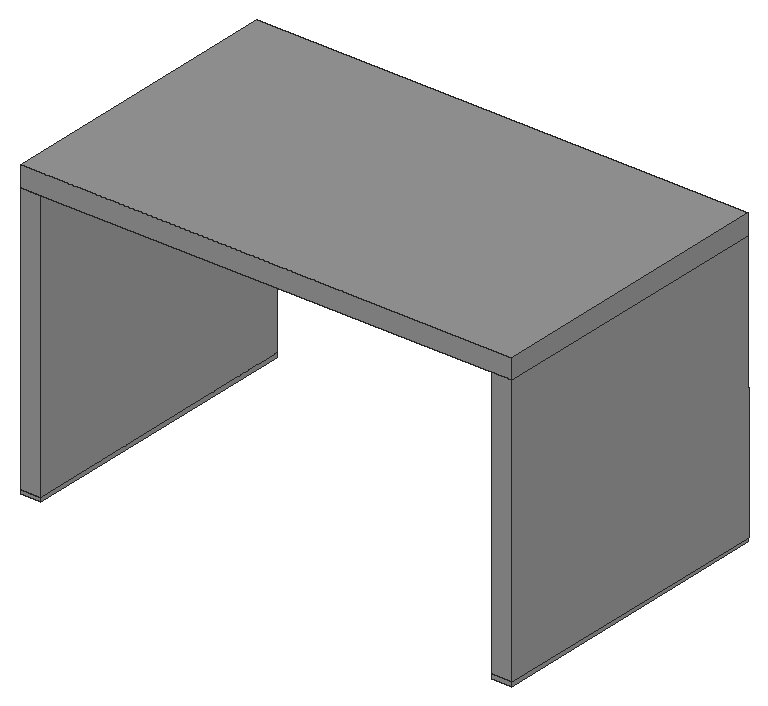
Revit family "Cocoon Community Table 36x60x36", category Generic Models, Revit 2018
Family settings
  Can host rebar = No
  Round Connector Dimension = Use Diameter
  Part Type = Normal
  Work Plane-Based = No
  Always vertical = Yes
  Cut with Voids When Loaded = No
  Shared = No
  Room Calculation Point = No
Parameters
  Frame = Cocoon Community Table 36x60x36 Frame
  Surface = Cocoon Community Table 36x60x36 Surface
Reference planes (in)
  plane 1 "Center (Front/Back)": y = 0
  plane 2: z = 0
  plane 3 "Center (Left/Right)": x = 0
Forms (in)
  Extrusion 1, solid, material "Cocoon Community Table 36x60x36 Frame" <- "Frame"
    sketch origin (0, 0, 0) x (1, 0, 0) y (0, 0, 1)
      loop
        line (-30, 0.5) -> (-30, 0) -> (-27.5, 0) -> (-27.5, 0.5) -> (-30, 0.5)
      loop
        line (30, 0.5) -> (27.5, 0.5) -> (27.5, 0) -> (30, 0) -> (30, 0.5)
    from -18 to 18
  Extrusion 2, solid, material "Cocoon Community Table 36x60x36 Surface" <- "Surface"
    sketch origin (0, 0, 7) x (1, 0, 0) y (0, 0, 1)
      loop
        line (-30, 29) -> (-30, 26.5) -> (30, 26.5) -> (30, 29) -> (-30, 29)
    from -18 to 18
  Extrusion 3, solid, material "Cocoon Community Table 36x60x36 Frame" <- "Frame"
    sketch origin (0, 0, 0) x (1, 0, 0) y (0, 0, 1)
      loop
        line (-30, 33.5) -> (-30, 0.5) -> (-27.5, 0.5) -> (-27.5, 33.5) -> (-30, 33.5)
      loop
        line (27.5, 33.5) -> (27.5, 0.5) -> (30, 0.5) -> (30, 33.5) -> (27.5, 33.5)
    from -18 to 18
Dimensions and locks (in)
  aligned and locked: level to plane 2
